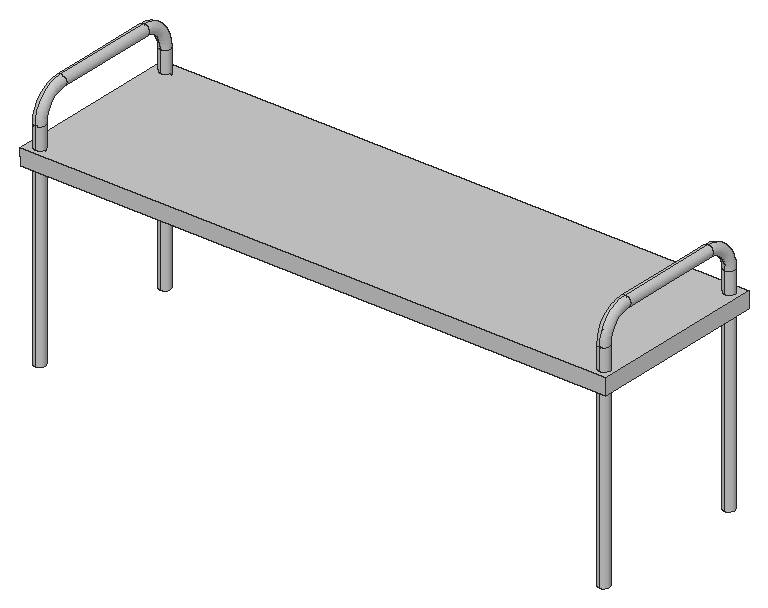
Revit family "QF_INOMAK_RE311_250610080802", category Specialty Equipment, Revit 2021
Family settings
  Round Connector Dimension = Use Diameter
  Part Type = Normal
  OmniClass Number = 23.40.40.14
  OmniClass Title = Food Service Equipment
  Work Plane-Based = No
  Always vertical = Yes
  Cut with Voids When Loaded = No
  Shared = No
  Room Calculation Point = No
Parameters (values of type "RE311")
  Weight [instance] = 6.00 kg
  Warranty Start Date [instance] = ""
  Warranty Duration [instance] = ""
  URL Recommended Spares List [instance] = ""
  URL Manufacturer [instance] = ""
  URL Cutsheet [instance] = ""
  URL Critical Spares List [instance] = ""
  URL = "www.inomak.com"
  Technical Documentation [instance] = ""
  Tag Number [instance] = ""
  Status [instance] = ""
  Specification by User [instance] = ""
  Specification by Manufacturer [instance] = ""
  Sound Level [instance] = ""
  Show Logo [instance] = yes
  Show Clearances [instance] = yes
  Service Life Duration [instance] = ""
  Serial Number [instance] = ""
  Seismic Rating [instance] = ""
  SMACNA No [instance] = ""
  Revision Code [instance] = ""
  Revision [instance] = ""
  Production Year [instance] = ""
  Point Load [instance] = 0
  Other Equipment Approvals [instance] = ""
  NAFEM Spec ID Number [instance] = ""
  Model Warning [instance] = ""
  Model = "RE311"
  Masterspec [instance] = ""
  Manufacturer = "INOMAK"
  Length Actual [instance] = 1092 mm
  Item Number [instance] = ""
  Installed By [instance] = ""
  Installation Date [instance] = ""
  Identify Quantity as Lot [instance] = no
  ID [instance] = ""
  Hygiene Approval [instance] = ""
  Height Actual [instance] = 462 mm
  Furnished By [instance] = ""
  Foodservice Equipment Identifier [instance] = no
  ETL Approved [instance] = no
  Description = "TOP FITTED SINGLE SHELF"
  Depth Actual [instance] = 332 mm
  Default Elevation = 0 mm
  Cost = 0
  CSI MasterFormat [instance] = ""
  CE Approved [instance] = no
  Barcode [instance] = 0
  Author [instance] = ""
  Asset Identifier [instance] = ""
  Accessory [instance] = no
Reference planes
  plane 1 "Center (Front/Back)": y = 0
  plane 2: z = 0
  plane 3 "Center (Left/Right)": x = 0
Dimensions and locks
  aligned and locked: level to plane 2
Nested families
  nested 1: "QF_INOMAK_GANTRIES_SINGLE_SHELF_2920" at (0, 0, 0), type "RE311"
    with Weight 6.00 kg, Warranty Start Date "", Warranty Duration "", URL Cutsheet "", Technical Documentation "", Tag Number "", Status "", Specification by User "", Specification by Manufacturer "", Sound Level "", Solid Fuel Type "", Show Logo yes, Show Clearances yes, Service Life Duration "", Serial Number "", Seismic Rating "", SMACNA No "", Revision Code "", Revision "", Production Year "", Point Load 0, Other Equipment Approvals "", NAFEM Spec ID Number "", Model Warning "", Masterspec "", Length Actual 1092 mm, Item Number "", Installed By "", Installation Date "", Identify Quantity as Lot yes, ID "", Hygiene Approval "", Height Actual 462 mm, Furnished By "", Foodservice Equipment Identifier yes, ETL Approved yes, Depth Actual 332 mm, CSI MasterFormat "", CE Approved yes, Barcode "", Author "", Asset Identifier "", Accessory no
Definition of nested family "QF_INOMAK_GANTRIES_SINGLE_SHELF_2920"
  Parameters (values of type "RE318")
    Weight [instance] = 0.00 kg
    Warranty Start Date [instance] = ""
    Warranty Duration [instance] = ""
    URL Cutsheet [instance] = ""
    URL = "www.inomak.com"
    Technical Documentation [instance] = ""
    Tag Number [instance] = ""
    Status [instance] = ""
    Specification by User [instance] = ""
    Specification by Manufacturer [instance] = ""
    Sound Level [instance] = ""
    Solid Fuel Type [instance] = ""
    Show Logo [instance] = yes
    Show Clearances [instance] = yes
    Service Life Duration [instance] = ""
    Serial Number [instance] = ""
    Seismic Rating [instance] = ""
    SMACNA No [instance] = ""
    Revision Code [instance] = ""
    Revision [instance] = ""
    Production Year [instance] = ""
    Point Load [instance] = 0
    Other Equipment Approvals [instance] = ""
    NAFEM Spec ID Number [instance] = ""
    Model Warning [instance] = ""
    Model = "RE318"
    Masterspec [instance] = ""
    Manufacturer = "INOMAK"
    Length Actual [instance] = 1792 mm
    Item Number [instance] = ""
    Installed By [instance] = ""
    Installation Date [instance] = ""
    Identify Quantity as Lot [instance] = yes
    ID [instance] = ""
    Hygiene Approval [instance] = ""
    Height Actual [instance] = 462 mm
    Furnished By [instance] = ""
    Foodservice Equipment Identifier [instance] = yes
    ETL Approved [instance] = yes
    Description = "TOP FITTED SINGLE SHELF"
    Depth Actual [instance] = 332 mm
    Default Elevation = 0 mm
    CSI MasterFormat [instance] = ""
    CE Approved [instance] = yes
    Barcode [instance] = ""
    Author [instance] = ""
    Asset Identifier [instance] = ""
    Assembly Code = "E1090320"
    Accessory [instance] = yes
  Types (5, lengths in mm): name | Model | Length Actual
    RE311 | "RE311" | 1092
    RE314 | "RE314" | 1392
    RE316 | "RE316" | 1592
    RE318 | "RE318" | 1792
    RE319 | "RE319" | 1892
  Reference planes
    plane 1 "Back": y = 0
    plane 2: z = 0
    plane 3 "Left": x = 0
    plane 4 "Right": x = 1792
    plane 5 "Front": y = -332
    plane 6 "Top": z = 462
    plane 7: z = 362
  Forms (mm)
    Extrusion 1, solid
      sketch origin (0, 0, 362) x (0, 1, 0) y (-1, 0, 0)
        loop
          line (0, 0) -> (-332, 0) -> (-332, -1792) -> (0, -1792) -> (0, 0)
      from 0 to -30
    Sweep 2, solid
      path origin (0, 0, 0) x (0, 1, 0) y (0, 0, 1)
        loop
          line (-20, 0) -> (-20, 402)
          arc (-20, 402) -> (-34.645, 437.355) -> (-70, 452) r 50
          line (-70, 452) -> (-262, 452)
          arc (-262, 452) -> (-297.355, 437.355) -> (-312, 402) r 50
          line (-312, 402) -> (-312, 0)
      profile origin (0, -20, 201) x (0, -1, 0) y (1, 0, 0)
        loop
          circle (0, 20) r 10
    Sweep 3, solid
      path origin (1792, -1434.717, 4000) x (0, -1, 0) y (0, 0, 1)
        loop
          line (-1414.717, -4000) -> (-1414.717, -3598)
          arc (-1414.717, -3598) -> (-1400.073, -3562.645) -> (-1364.717, -3548) r 50
          line (-1364.717, -3548) -> (-1172.717, -3548)
          arc (-1172.717, -3548) -> (-1137.362, -3562.645) -> (-1122.717, -3598) r 50
          line (-1122.717, -3598) -> (-1122.717, -4000)
      profile origin (1792, -20, 201) x (0, 1, 0) y (-1, 0, 0)
        loop
          circle (0, 20) r 10
  Lines and regions (mm)
    symbolic lines
      curve 1: line (0, 0, 0) -> (1792, 0, 0)
      curve 2: line (0, -332, 0) -> (0, 0, 0)
      curve 3: line (1792, -332, 0) -> (0, -332, 0)
      curve 4: line (1792, 0, 0) -> (1792, -332, 0)
      curve 5: arc (10, -20, 0) -> (20, -10, 0) -> (30, -20, 0) r 10
      curve 6: arc (10, -312, 0) -> (20, -322, 0) -> (30, -312, 0) r 10
      curve 7: line (30, -312, 0) -> (30, -20, 0)
      curve 8: line (10, -20, 0) -> (10, -312, 0)
      curve 9: arc (1782, -20, 0) -> (1772, -10, 0) -> (1762, -20, 0) r 10
      curve 10: arc (1782, -312, 0) -> (1772, -322, 0) -> (1762, -312, 0) r 10
      curve 11: line (1762, -312, 0) -> (1762, -20, 0)
      curve 12: line (1782, -20, 0) -> (1782, -312, 0)
  Dimensions and locks
    "Length Actual": plane 3 "Left" to plane 4 "Right"
    "Depth Actual": plane 5 "Front" to plane 1 "Back"
    "Height Actual": plane 6 "Top" to plane 2
    locked: plane 6 "Top" to plane 7 at 100
    aligned and locked: level to plane 2
  Automatic sketch dimensions
    Sweep 2 sketch curve to level = 0 mm  (x2)
    plane 5 "Front" to Sweep 2 sketch curve = 20 mm
    Sweep 2 sketch curve to plane 6 "Top" = 10 mm
    plane 5 "Front" to Sweep 2 sketch curve = 70 mm
    plane 1 "Back" to Sweep 2 sketch curve = 70 mm
    plane 1 "Back" to Sweep 2 sketch curve = 20 mm
    Sweep 2 sketch curve to profile plane = 0 mm
    plane 3 "Left" to Sweep 2 sketch curve = 20 mm
    profile plane to Sweep 3 sketch curve = 0 mm
    profile plane to Sweep 3 sketch curve = 20 mm
    Sweep 3 sketch curve to level = 0 mm  (x2)
    plane 1 "Back" to Sweep 3 sketch curve = 20 mm
    Sweep 3 sketch curve to Sweep 3 sketch curve = 50 mm
    plane 5 "Front" to Sweep 3 sketch curve = 70 mm
    plane 5 "Front" to Sweep 3 sketch curve = 20 mm
    Sweep 3 sketch curve to plane 6 "Top" = 60 mm
    Extrusion 1 sketch curve to plane 3 "Left" = 0 mm
    Extrusion 1 sketch curve to plane 5 "Front" = 0 mm
    plane 1 "Back" to Extrusion 1 sketch curve = 0 mm
    Extrusion 1 sketch curve to plane 4 "Right" = 0 mm
    curve 3 to plane 3 "Left" = 0 mm
    curve 3 to plane 4 "Right" = 0 mm
    curve 3 to plane 5 "Front" = 0 mm
    plane 1 "Back" to curve 2 = 0 mm
    plane 3 "Left" to curve 8 = 10 mm
    curve 6 to curve 6 = 10 mm
    plane 4 "Right" to curve 11 = 30 mm
    curve 9 to curve 9 = 10 mm
    plane 5 "Front" to curve 11 = 20 mm
    plane 5 "Front" to curve 7 = 20 mm
    plane 1 "Back" to curve 7 = 20 mm
    plane 1 "Back" to curve 9 = 20 mm
    radius of Sweep 2 sketch curve = 10 mm
    radius of Sweep 3 sketch curve = 10 mm
